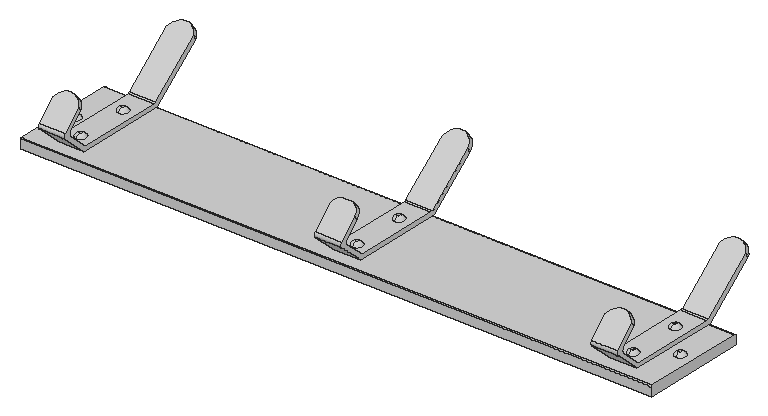
Revit family "Hook_Strip-Stainless_Steel-Bobrick-B-232", category Specialty Equipment, host Face, Revit 2019
Family settings
  Host = Face
  Round Connector Dimension = Use Diameter
  Part Type = Normal
  OmniClass Number = 23.40.20.21.31
  OmniClass Title = Robe Hooks
  Cut with Voids When Loaded = No
  Shared = No
  Room Calculation Point = No
Parameters (values of type "B-232 x 24")
  Unit Length = 24"
  Unit Height = 6 1/2"
  Unit Depth = 2 1/4"
  URL = "http://www.bobrick.com/"
  Revised Date = "10/22/2024"  # constant formula
  Recommended Height = not(ADA Compliant)  # yes
  Product Page URL = "https://www.bobrick.com/product/b-232-x-24/"
  Product Documentation Link = "https://www.bobrick.com/wp-content/uploads/B-232_td.pdf"
  Not ADA = not(ADA Compliant)  # yes
  Model = "B-232 x 24"
  Material = "Stainless Steel-Bobrick-Type 304-Satin"
  Manufacturer = "Bobrick Washroom Equipment, Inc."  # constant formula
  Keynote = ""
  Installation Type = "Wall-Mounted"  # constant formula
  Finish = Stainless Steel-Bobrick-Type 304-Satin
  Elevation Height = if(ADA Compliant, 48", if(Default Elevation < 60", 60", if(Default Elevation > 69", 69", Default Elevation)))  # 60"
  Description = "Surface-Mounted Hook Strip, Satin Finish"
  Default Elevation = 20"
  Creation Date = "05/14/2021"  # constant formula
  CL to CL = 10 1/2"
  Assembly Code = "C1030320"
  ADA Height = if(ADA Compliant, 48", Elevation Height)  # 60"
  ADA Elevation = 48"  # constant formula
  ADA Compliant = no
Reference planes (in)
  plane 1 "ADA Mount Line": y = 2.38705
  plane 2: z = 0
  plane 3 "Center (Left/Right)": x = 0
  plane 4: z = 0.375
  plane 5: y = 4.38705
  plane 6: y = 0.38705
  plane 7: z = 2.25
  plane 8: x = -12
  plane 9: x = 12
  plane 10: x = -10.5
  plane 11: y = -55.61295
  plane 12: x = 10.5
  plane 13: x = -10.5
  plane 14: y = 0.01205
  plane 15: y = 6.51205
Forms (in)
  Extrusion 1, solid, material "Stainless Steel-Bobrick-Type 304-Satin" <- "Finish"
    sketch origin (0, 0, 0) x (0, 1, 0) y (0, 0, 1)
      loop
        line (4.38705, 0) -> (4.38705, 0.33952)
        arc (4.38705, 0.33952) -> (4.37666, 0.36461) -> (4.35157, 0.375) r 0.03548
        line (4.35157, 0.375) -> (0.42221, 0.375)
        arc (0.42221, 0.375) -> (0.39735, 0.3647) -> (0.38705, 0.33984) r 0.03516
        line (0.38705, 0.33984) -> (0.38705, 0) -> (4.38705, 0)
    from -12 to 12
  Extrusion 2, solid, material "Stainless Steel-Bobrick-Type 304-Satin" <- "Finish"
    sketch origin (0, 0.14844, 0) x (0, 1, 0) y (0, 0, 1)
      loop
        line (0.7899, 0.375) -> (4.25299, 0.375) -> (6.36257, 2.11695) -> (6.2527, 2.25) -> (4.20284, 0.55735)
        arc (4.20284, 0.55735) -> (4.16881, 0.53797) -> (4.13023, 0.53125) r 0.11404
        line (4.13023, 0.53125) -> (0.86788, 0.53125)
        arc (0.86788, 0.53125) -> (0.85108, 0.53436) -> (0.83651, 0.54329) r 0.04688
        line (0.83651, 0.54329) -> (0.12933, 1.18003)
        arc (0.12933, 1.18003) -> (0.08864, 1.26832) -> (0.12466, 1.35861) r 0.12314
        line (0.12466, 1.35861) -> (0.90556, 2.13951) -> (0.79508, 2.25) -> (-0.10086, 1.35406)
        arc (-0.10086, 1.35406) -> (-0.13743, 1.2624) -> (-0.09612, 1.17278) r 0.125
        line (-0.09612, 1.17278) -> (0.7899, 0.375)
    from -11.00537 to -10.00844
  Extrusion 3, void
    sketch origin (-0.00586, 1.86013, 4.23588) x (1, 0, 0) y (0, 0.777146, 0.62932)
      loop
        line (-11.03086, 2.49074) -> (-11.03086, 1.74273)
        arc (-11.03086, 1.74273) -> (-10.49852, 2.27506) -> (-9.96619, 1.74273) r 0.53233
        line (-9.96619, 1.74273) -> (-9.96619, 2.49074) -> (-11.03086, 2.49074)
    from -4.63351 to -4.09375
  Extrusion 4, solid, material "Stainless Steel-Bobrick-Type 304-Satin" <- "Finish"
    sketch origin (10.41951, 0.14844, 0) x (0, 1, 0) y (0, 0, 1)
      loop
        line (0.7899, 0.375) -> (4.25299, 0.375) -> (6.36257, 2.11695) -> (6.2527, 2.25) -> (4.20284, 0.55735)
        arc (4.20284, 0.55735) -> (4.16881, 0.53797) -> (4.13023, 0.53125) r 0.11404
        line (4.13023, 0.53125) -> (0.86788, 0.53125)
        arc (0.86788, 0.53125) -> (0.85108, 0.53436) -> (0.83651, 0.54329) r 0.04688
        line (0.83651, 0.54329) -> (0.12933, 1.18003)
        arc (0.12933, 1.18003) -> (0.08864, 1.26832) -> (0.12466, 1.35861) r 0.12314
        line (0.12466, 1.35861) -> (0.90556, 2.13951) -> (0.79508, 2.25) -> (-0.10086, 1.35406)
        arc (-0.10086, 1.35406) -> (-0.13743, 1.2624) -> (-0.09612, 1.17278) r 0.125
        line (-0.09612, 1.17278) -> (0.7899, 0.375)
    from -10.92084 to -9.91817
  Extrusion 5, void
    sketch origin (10.41951, -3.46306, 3.63287) x (1, 0, 0) y (0, 0.707107, 0.707107)
      loop
        line (-10.92084, 2.13808) -> (-10.92084, 1.74355)
        arc (-10.92084, 1.74355) -> (-10.80529, 2.02253) -> (-10.52631, 2.13808) r 0.39453
        line (-10.52631, 2.13808) -> (-10.92084, 2.13808)
      loop
        line (-9.91817, 2.13808) -> (-10.3127, 2.13808)
        arc (-10.3127, 2.13808) -> (-10.03373, 2.02253) -> (-9.91817, 1.74355) r 0.39453
        line (-9.91817, 1.74355) -> (-9.91817, 2.13808)
    from -4.25 to -4.09375
  Revolve 6, solid, material "Stainless Steel-Bobrick-Type 304-Satin" <- "Finish"
    sketch origin (11.5, 0, 0) x (0, 1, 0) y (0, 0, -1)
      loop
        line (2.38705, -0.375) -> (2.38705, -0.4352) -> (2.45457, -0.4352) -> (2.45457, -0.4859)
        arc (2.45457, -0.4859) -> (2.5289, -0.44328) -> (2.58065, -0.375) r 0.21476
        line (2.58065, -0.375) -> (2.38705, -0.375)
      axis (2.38705, -0.4859) -> (2.38705, -0.375)
    angle from 0 to 360
  Revolve 7, solid, material "Stainless Steel-Bobrick-Type 304-Satin" <- "Finish"
    sketch origin (-11.5, 0, 0) x (0, 1, 0) y (0, 0, 1)
      loop
        line (2.38705, 0.375) -> (2.58065, 0.375)
        arc (2.58065, 0.375) -> (2.5289, 0.44328) -> (2.45457, 0.4859) r 0.21476
        line (2.45457, 0.4859) -> (2.45457, 0.4352) -> (2.38705, 0.4352) -> (2.38705, 0.375)
      axis (2.38705, 0.4859) -> (2.38705, 0.375)
    angle from 0 to 360
  Revolve 8, solid, material "Stainless Steel-Bobrick-Type 304-Satin" <- "Finish"
    sketch origin (-10.5, 1, 0.15625) x (0, 1, 0) y (0, 0, 1)
      loop
        line (2.38705, 0.375) -> (2.58065, 0.375)
        arc (2.58065, 0.375) -> (2.5289, 0.44328) -> (2.45457, 0.4859) r 0.21476
        line (2.45457, 0.4859) -> (2.45457, 0.4352) -> (2.38705, 0.4352) -> (2.38705, 0.375)
      axis (2.38705, 0.4859) -> (2.38705, 0.375)
    angle from 0 to 360
  Revolve 9, solid, material "Stainless Steel-Bobrick-Type 304-Satin" <- "Finish"
    sketch origin (-10.5, 3.77411, 0.15625) x (0, -1, 0) y (0, 0, -1)
      loop
        line (2.38705, -0.375) -> (2.38705, -0.4352) -> (2.45457, -0.4352) -> (2.45457, -0.4859)
        arc (2.45457, -0.4859) -> (2.5289, -0.44328) -> (2.58065, -0.375) r 0.21476
        line (2.58065, -0.375) -> (2.38705, -0.375)
      axis (2.38705, -0.4859) -> (2.38705, -0.375)
    angle from 0 to 360
  Revolve 10, solid, material "Stainless Steel-Bobrick-Type 304-Satin" <- "Finish"
    sketch origin (10.5, 1, 0.15625) x (0, 1, 0) y (0, 0, -1)
      loop
        line (2.38705, -0.375) -> (2.38705, -0.4352) -> (2.45457, -0.4352) -> (2.45457, -0.4859)
        arc (2.45457, -0.4859) -> (2.5289, -0.44328) -> (2.58065, -0.375) r 0.21476
        line (2.58065, -0.375) -> (2.38705, -0.375)
      axis (2.38705, -0.4859) -> (2.38705, -0.375)
    angle from 0 to 360
  Revolve 11, solid, material "Stainless Steel-Bobrick-Type 304-Satin" <- "Finish"
    sketch origin (10.5, 3.77411, 0.15625) x (0, -1, 0) y (0, 0, 1)
      loop
        line (2.38705, 0.375) -> (2.58065, 0.375)
        arc (2.58065, 0.375) -> (2.5289, 0.44328) -> (2.45457, 0.4859) r 0.21476
        line (2.45457, 0.4859) -> (2.45457, 0.4352) -> (2.38705, 0.4352) -> (2.38705, 0.375)
      axis (2.38705, 0.4859) -> (2.38705, 0.375)
    angle from 0 to 360
  Revolve 12, solid, material "Stainless Steel-Bobrick-Type 304-Satin" <- "Finish"
    sketch origin (0, 1, 0.15625) x (0, 1, 0) y (0, 0, -1)
      loop
        line (2.38705, -0.375) -> (2.38705, -0.4352) -> (2.45457, -0.4352) -> (2.45457, -0.4859)
        arc (2.45457, -0.4859) -> (2.5289, -0.44328) -> (2.58065, -0.375) r 0.21476
        line (2.58065, -0.375) -> (2.38705, -0.375)
      axis (2.38705, -0.4859) -> (2.38705, -0.375)
    angle from 0 to 360
  Revolve 13, solid, material "Stainless Steel-Bobrick-Type 304-Satin" <- "Finish"
    sketch origin (0, 3.77411, 0.15625) x (0, -1, 0) y (0, 0, 1)
      loop
        line (2.38705, 0.375) -> (2.58065, 0.375)
        arc (2.58065, 0.375) -> (2.5289, 0.44328) -> (2.45457, 0.4859) r 0.21476
        line (2.45457, 0.4859) -> (2.45457, 0.4352) -> (2.38705, 0.4352) -> (2.38705, 0.375)
      axis (2.38705, 0.4859) -> (2.38705, 0.375)
    angle from 0 to 360
  Extrusion 14, void
    sketch origin (10.41951, 1.89138, 4.23588) x (1, 0, 0) y (0, 0.777146, 0.62932)
      loop
        line (-10.92084, 2.49074) -> (-10.92084, 1.74273)
        arc (-10.92084, 1.74273) -> (-10.41951, 2.24406) -> (-9.91817, 1.74273) r 0.50134
        line (-9.91817, 1.74273) -> (-9.91817, 2.49074) -> (-10.92084, 2.49074)
    from -4.63351 to -4.09375
  Extrusion 15, void
    sketch origin (-0.00821, -3.4313, 3.99989) x (1, 0, 0) y (0, 0.777146, 0.62932)
      loop
        line (-11.03086, 2.64782) -> (-11.03086, 1.74273)
        arc (-11.03086, 1.74273) -> (-10.49852, 2.27506) -> (-9.96619, 1.74273) r 0.53233
        line (-9.96619, 1.74273) -> (-9.96619, 2.64782) -> (-11.03086, 2.64782)
    from -4.63351 to -3.9213
  Extrusion 16, solid, material "Stainless Steel-Bobrick-Type 304-Satin" <- "Finish"
    sketch origin (0, 0.14844, 0) x (0, 1, 0) y (0, 0, -1)
      loop
        line (0.7899, -0.375) -> (-0.09612, -1.17278)
        arc (-0.09612, -1.17278) -> (-0.13743, -1.2624) -> (-0.10086, -1.35406) r 0.125
        line (-0.10086, -1.35406) -> (0.79508, -2.25) -> (0.90556, -2.13951) -> (0.12466, -1.35861)
        arc (0.12466, -1.35861) -> (0.08864, -1.26832) -> (0.12933, -1.18003) r 0.12314
        line (0.12933, -1.18003) -> (0.83651, -0.54329)
        arc (0.83651, -0.54329) -> (0.85108, -0.53436) -> (0.86788, -0.53125) r 0.04688
        line (0.86788, -0.53125) -> (4.13023, -0.53125)
        arc (4.13023, -0.53125) -> (4.16881, -0.53797) -> (4.20284, -0.55735) r 0.11404
        line (4.20284, -0.55735) -> (6.2527, -2.25) -> (6.36257, -2.11695) -> (4.25299, -0.375) -> (0.7899, -0.375)
    from -11.00537 to -10.00844
  Extrusion 17, void
    sketch origin (-0.08789, 1.86013, 4.23588) x (-1, 0, 0) y (0, -0.777146, -0.62932)
      loop
        line (-11.11135, -2.49074) -> (-10.06971, -2.49074) -> (-10.06971, -1.74273)
        arc (-10.06971, -1.74273) -> (-10.59053, -2.26355) -> (-11.11135, -1.74273) r 0.52082
        line (-11.11135, -1.74273) -> (-11.11135, -2.49074)
    from -4.63351 to -4.09375
  Extrusion 18, void
    sketch origin (-0.06992, -3.4313, 3.99989) x (-1, 0, 0) y (0, -0.777146, -0.62932)
      loop
        line (-11.11135, -2.64782) -> (-10.04669, -2.64782) -> (-10.04669, -1.74273)
        arc (-10.04669, -1.74273) -> (-10.57902, -2.27506) -> (-11.11135, -1.74273) r 0.53233
        line (-11.11135, -1.74273) -> (-11.11135, -2.64782)
    from -4.63351 to -3.9213
Cuts and joins
  Extrusion 3, Extrusion 5, Extrusion 14, Extrusion 15, Extrusion 17, Extrusion 18 cuts Extrusion 2
  Extrusion 5, Extrusion 14 cuts Extrusion 4
  Extrusion 17, Extrusion 18 cuts Extrusion 16
Lines and regions (in)
  Masking region 1
    outline origin (0, 2.38705, 0) x (1, 0, 0) y (0, 0, 1)
      loop
        line (12, 0) -> (12, 0.375) -> (11.69593, 0.375)
        arc (11.69593, 0.375) -> (11.50257, 0.48852) -> (11.3092, 0.375) r 0.22144
        line (11.3092, 0.375) -> (11.00134, 0.375) -> (11.00134, 1.88624)
        arc (11.00134, 1.88624) -> (10.89479, 2.14346) -> (10.63758, 2.25) r 0.36376
        line (10.63758, 2.25) -> (10.36242, 2.25)
        arc (10.36242, 2.25) -> (10.10521, 2.14346) -> (9.99866, 1.88624) r 0.36376
        line (9.99866, 1.88624) -> (9.99866, 0.375) -> (0.50134, 0.375) -> (0.50134, 1.88624)
        arc (0.50134, 1.88624) -> (0.39479, 2.14346) -> (0.13758, 2.25) r 0.36376
        line (0.13758, 2.25) -> (-0.13758, 2.25)
        arc (-0.13758, 2.25) -> (-0.39479, 2.14346) -> (-0.50134, 1.88624) r 0.36376
        line (-0.50134, 1.88624) -> (-0.50134, 0.375) -> (-9.99866, 0.375) -> (-9.99866, 1.88624)
        arc (-9.99866, 1.88624) -> (-10.10521, 2.14346) -> (-10.36242, 2.25) r 0.36376
        line (-10.36242, 2.25) -> (-10.63758, 2.25)
        arc (-10.63758, 2.25) -> (-10.89479, 2.14346) -> (-11.00134, 1.88624) r 0.36376
        line (-11.00134, 1.88624) -> (-11.00134, 0.375) -> (-11.30091, 0.375)
        arc (-11.30091, 0.375) -> (-11.49658, 0.48593) -> (-11.69225, 0.375) r 0.22803
        line (-11.69225, 0.375) -> (-12, 0.375) -> (-12, 0) -> (12, 0)
  symbolic lines, detail levels medium+fine
    curve 1: line (11.77405, 2.38705, 0.375) -> (9.99866, 2.38705, 0.375)
    curve 2: line (0.50134, 2.38705, 0.375) -> (-0.50134, 2.38705, 0.375)
    curve 3: line (-9.99866, 2.38705, 0.375) -> (-11.69359, 2.38705, 0.375)
  symbolic lines, detail levels fine
    curve 4: arc (11.00134, 2.38705, 1.77575) -> (10.89479, 2.38705, 2.03297) -> (10.63758, 2.38705, 2.13951) r 0.36376
    curve 5: line (10.63758, 2.38705, 2.13951) -> (10.36242, 2.38705, 2.13951)
    curve 6: arc (10.36242, 2.38705, 2.13951) -> (10.10521, 2.38705, 2.03297) -> (9.99866, 2.38705, 1.77575) r 0.36376
    curve 7: arc (0.50134, 2.38705, 1.77575) -> (0.39479, 2.38705, 2.03297) -> (0.13758, 2.38705, 2.13951) r 0.36376
    curve 8: line (0.13758, 2.38705, 2.13951) -> (-0.13758, 2.38705, 2.13951)
    curve 9: arc (-0.13758, 2.38705, 2.13951) -> (-0.39479, 2.38705, 2.03297) -> (-0.50134, 2.38705, 1.77575) r 0.36376
    curve 10: arc (-9.99866, 2.38705, 1.77575) -> (-10.10521, 2.38705, 2.03297) -> (-10.36242, 2.38705, 2.13951) r 0.36376
    curve 11: line (-10.36242, 2.38705, 2.13951) -> (-10.63758, 2.38705, 2.13951)
    curve 12: arc (-10.63758, 2.38705, 2.13951) -> (-10.89479, 2.38705, 2.03297) -> (-11.00134, 2.38705, 1.77575) r 0.36376
Dimensions and locks (in)
  equal spacing: plane 5, plane 1 "ADA Mount Line", plane 6
  plane 5 to plane 6 = 4"
  plane 4 to level = 3/8"
  locked: plane 7 to level at 2.25
  equal spacing: plane 8, plane 3 "Center (Left/Right)", plane 9
  "Unit Length": plane 8 to plane 9
  "Elevation Height": plane 5 to plane 11
  locked: plane 5 to plane 6 at 4
  plane 13 to plane 3 "Center (Left/Right)" = 10 1/2"
  plane 10 to plane 3 "Center (Left/Right)" = 10 1/2"
  plane 8 to plane 10 = 1 1/2"
  plane 10 to cut or joined group of Extrusion 2, Extrusion 3, Extrusion 5, Extrusion 14, Extrusion 15, Extrusion 17, Extrusion 18 = 0.49156"
  cut or joined group of Extrusion 2, Extrusion 3, Extrusion 5, Extrusion 14, Extrusion 15, Extrusion 17, Extrusion 18 to plane 10 = 0.50537"
  plane 3 "Center (Left/Right)" to plane 12 = 10 1/2"
  plane 7 to host face = 2 1/4"
  plane 4 to host face = 3/8"
  plane 14 to plane 6 = 3/8"
  plane 14 to plane 15 = 6 1/2"
  aligned and locked: plane 2 to host face
  aligned and locked: level to host face
  aligned and locked: plane 8 to Extrusion 1
  aligned and locked: plane 9 to Extrusion 1
  aligned and locked: Extrusion 4 sketch curve to cut or joined group of Extrusion 2, Extrusion 3, Extrusion 5, Extrusion 14, Extrusion 15, Extrusion 17, Extrusion 18
Automatic sketch dimensions
  host sketch curve to host sketch curve = 66.93017"
  host sketch curve to host sketch curve = 81.47834"
  Extrusion 1 sketch curve to level = 0"
  Extrusion 1 sketch curve to plane 6 = 0"
  Extrusion 1 sketch curve to plane 4 = 0"
  Extrusion 1 sketch curve to plane 5 = 0"
  Extrusion 1 sketch curve to plane 6 = 9/256"
  Extrusion 1 sketch curve to Extrusion 1 sketch curve = 0.03548"
  Extrusion 2 sketch curve to plane 4 = 0"
  Extrusion 2 sketch curve to plane 7 = 0"  (x2)
  plane 5 to Extrusion 2 sketch curve = 0.01438"
  plane 4 to Extrusion 2 sketch curve = 0.18235"
  Extrusion 2 sketch curve to Extrusion 2 sketch curve = 0.07261"
  Extrusion 2 sketch curve to plane 7 = 0.11049"
  Extrusion 2 sketch curve to plane 6 = 0.66695"
  Extrusion 2 sketch curve to plane 6 = 0.62926"
  plane 4 to Extrusion 2 sketch curve = 0.16829"
  Extrusion 2 sketch curve to Extrusion 2 sketch curve = 0.03137"
  Extrusion 2 sketch curve to Extrusion 2 sketch curve = 0.11049"
  Extrusion 2 sketch curve to Extrusion 2 sketch curve = 0.04661"
  plane 6 to Extrusion 2 sketch curve = 0.02689"
  Extrusion 2 sketch curve to Extrusion 2 sketch curve = 0.08239"
  Extrusion 2 sketch curve to Extrusion 2 sketch curve = 0.08707"
  Extrusion 2 sketch curve to Extrusion 2 sketch curve = 0.0261"
  Extrusion 2 sketch curve to Extrusion 2 sketch curve = 0.18128"
  Extrusion 2 sketch curve to Extrusion 2 sketch curve = 0.08564"
  plane 10 to Extrusion 3 sketch curve = 0.53671"
  plane 10 to Extrusion 3 sketch curve = 0.00438"
  Extrusion 3 sketch curve to Extrusion 3 sketch curve = 0.74802"
  Extrusion 4 sketch curve to plane 4 = 0"
  Extrusion 4 sketch curve to plane 7 = 0"  (x2)
  plane 4 to Extrusion 4 sketch curve = 0.18235"
  Extrusion 4 sketch curve to Extrusion 4 sketch curve = 0.07261"
  Extrusion 4 sketch curve to plane 7 = 0.11049"
  Extrusion 4 sketch curve to plane 6 = 0.66695"
  Extrusion 4 sketch curve to plane 6 = 0.62926"
  plane 4 to Extrusion 4 sketch curve = 0.16829"
  Extrusion 4 sketch curve to Extrusion 4 sketch curve = 0.03137"
  Extrusion 4 sketch curve to Extrusion 4 sketch curve = 0.11049"
  Extrusion 4 sketch curve to Extrusion 4 sketch curve = 0.04661"
  plane 6 to Extrusion 4 sketch curve = 0.02689"
  Extrusion 4 sketch curve to Extrusion 4 sketch curve = 0.08239"
  Extrusion 4 sketch curve to Extrusion 4 sketch curve = 0.08707"
  Extrusion 4 sketch curve to Extrusion 4 sketch curve = 0.01204"
  Extrusion 4 sketch curve to Extrusion 4 sketch curve = 0.18128"
  Extrusion 4 sketch curve to Extrusion 4 sketch curve = 0.08564"
  Extrusion 5 sketch curve to plane 3 "Center (Left/Right)" = 0.50134"
  Extrusion 5 sketch curve to plane 3 "Center (Left/Right)" = 0.1068"
  plane 3 "Center (Left/Right)" to Extrusion 5 sketch curve = 0.1068"
  Extrusion 5 sketch curve to Extrusion 5 sketch curve = 101/256"  (x3)
  Extrusion 5 sketch curve to Extrusion 5 sketch curve = 0"  (x7)
  Revolve 6 sketch curve to plane 1 "ADA Mount Line" = 0"  (x3)
  Revolve 6 sketch curve to plane 4 = 0"
  Revolve 6 sketch curve to plane 1 "ADA Mount Line" = 0.06752"
  Revolve 6 sketch curve to Revolve 6 sketch curve = 0.12608"
  plane 4 to Revolve 6 sketch curve = 0.0602"
  Revolve 6 sketch curve to Revolve 6 sketch curve = 0.0507"
  Revolve 6 sketch curve to Revolve 6 sketch curve = 0.01888"
  Revolve 6 sketch curve to Revolve 6 sketch curve = 0.08542"
  Revolve 7 sketch curve to plane 1 "ADA Mount Line" = 0"  (x3)
  Revolve 7 sketch curve to plane 4 = 0"
  Revolve 7 sketch curve to plane 1 "ADA Mount Line" = 0.06752"
  Revolve 7 sketch curve to Revolve 7 sketch curve = 0.12608"
  Revolve 7 sketch curve to Revolve 7 sketch curve = 0.09297"
  plane 4 to Revolve 7 sketch curve = 0.0602"
  Revolve 7 sketch curve to Revolve 7 sketch curve = 0.01888"
  Revolve 7 sketch curve to Revolve 7 sketch curve = 0.08542"
  plane 4 to Revolve 8 sketch curve = 5/32"
  Revolve 8 sketch curve to plane 1 "ADA Mount Line" = 1"
  Revolve 8 sketch curve to Revolve 8 sketch curve = 0"
  Revolve 8 sketch curve to Revolve 8 sketch curve = 0.06752"  (x2)
  Revolve 8 sketch curve to Revolve 8 sketch curve = 0.12608"
  plane 4 to Revolve 8 sketch curve = 0.06328"
  Revolve 8 sketch curve to Revolve 8 sketch curve = 0.0602"
  Revolve 8 sketch curve to Revolve 8 sketch curve = 0.01888"
  Revolve 8 sketch curve to Revolve 8 sketch curve = 0.08542"
  plane 4 to Revolve 9 sketch curve = 5/32"
  plane 1 "ADA Mount Line" to Revolve 9 sketch curve = 1"
  Revolve 9 sketch curve to Revolve 9 sketch curve = 0"
  Revolve 9 sketch curve to Revolve 9 sketch curve = 0.06752"  (x2)
  Revolve 9 sketch curve to Revolve 9 sketch curve = 0.12608"
  Revolve 9 sketch curve to Revolve 9 sketch curve = 0.0602"
  Revolve 9 sketch curve to Revolve 9 sketch curve = 0.0507"
  Revolve 9 sketch curve to Revolve 9 sketch curve = 0.01888"
  Revolve 9 sketch curve to Revolve 9 sketch curve = 0.08542"
  plane 4 to Revolve 10 sketch curve = 5/32"
  Revolve 10 sketch curve to plane 1 "ADA Mount Line" = 1"
  Revolve 10 sketch curve to Revolve 10 sketch curve = 0"
  Revolve 10 sketch curve to Revolve 10 sketch curve = 0.06752"  (x2)
  Revolve 10 sketch curve to Revolve 10 sketch curve = 0.12608"
  Revolve 10 sketch curve to Revolve 10 sketch curve = 0.0602"
  Revolve 10 sketch curve to Revolve 10 sketch curve = 0.0507"
  Revolve 10 sketch curve to Revolve 10 sketch curve = 0.01888"
  Revolve 10 sketch curve to Revolve 10 sketch curve = 0.08542"
  plane 4 to Revolve 11 sketch curve = 5/32"
  plane 1 "ADA Mount Line" to Revolve 11 sketch curve = 1"
  Revolve 11 sketch curve to Revolve 11 sketch curve = 0"
  Revolve 11 sketch curve to Revolve 11 sketch curve = 0.06752"  (x2)
  Revolve 11 sketch curve to Revolve 11 sketch curve = 0.12608"
  plane 4 to Revolve 11 sketch curve = 0.06328"
  Revolve 11 sketch curve to Revolve 11 sketch curve = 0.0602"
  Revolve 11 sketch curve to Revolve 11 sketch curve = 0.01888"
  Revolve 11 sketch curve to Revolve 11 sketch curve = 0.08542"
  plane 4 to Revolve 12 sketch curve = 5/32"
  Revolve 12 sketch curve to plane 1 "ADA Mount Line" = 1"
  Revolve 12 sketch curve to Revolve 12 sketch curve = 0"
  Revolve 12 sketch curve to Revolve 12 sketch curve = 0.06752"  (x2)
  Revolve 12 sketch curve to Revolve 12 sketch curve = 0.12608"
  Revolve 12 sketch curve to Revolve 12 sketch curve = 0.0602"
  Revolve 12 sketch curve to Revolve 12 sketch curve = 0.0507"
  Revolve 12 sketch curve to Revolve 12 sketch curve = 0.01888"
  Revolve 12 sketch curve to Revolve 12 sketch curve = 0.08542"
  plane 4 to Revolve 13 sketch curve = 5/32"
  plane 1 "ADA Mount Line" to Revolve 13 sketch curve = 1"
  Revolve 13 sketch curve to Revolve 13 sketch curve = 0"
  Revolve 13 sketch curve to Revolve 13 sketch curve = 0.06752"  (x2)
  Revolve 13 sketch curve to Revolve 13 sketch curve = 0.12608"
  plane 4 to Revolve 13 sketch curve = 0.06328"
  Revolve 13 sketch curve to Revolve 13 sketch curve = 0.0602"
  Revolve 13 sketch curve to Revolve 13 sketch curve = 0.01888"
  Revolve 13 sketch curve to Revolve 13 sketch curve = 0.08542"
  Masking region 1 sketch curve to plane 4 = 0"  (x6)
  plane 8 to Masking region 1 sketch curve = 0"
  Masking region 1 sketch curve to plane 7 = 0"  (x3)
  Masking region 1 sketch curve to plane 9 = 0"
  Masking region 1 sketch curve to level = 0"
  Masking region 1 sketch curve to plane 8 = 0.30775"
  Masking region 1 sketch curve to plane 4 = 0.11711"
  Masking region 1 sketch curve to Masking region 1 sketch curve = 0.19567"
  plane 10 to Masking region 1 sketch curve = 0.50134"
  plane 10 to Masking region 1 sketch curve = 0.13758"
  Masking region 1 sketch curve to plane 10 = 0.13758"
  Masking region 1 sketch curve to Masking region 1 sketch curve = 0.36376"  (x2)
  Masking region 1 sketch curve to plane 3 "Center (Left/Right)" = 0.50134"
  Masking region 1 sketch curve to plane 3 "Center (Left/Right)" = 0.13758"
  plane 3 "Center (Left/Right)" to Masking region 1 sketch curve = 0.13758"
  plane 3 "Center (Left/Right)" to Masking region 1 sketch curve = 0.50134"
  plane 12 to Masking region 1 sketch curve = 0.50134"
  plane 12 to Masking region 1 sketch curve = 0.13758"
  Masking region 1 sketch curve to plane 12 = 0.13758"
  Masking region 1 sketch curve to Masking region 1 sketch curve = 0.30787"
  Masking region 1 sketch curve to plane 4 = 0.10792"
  Masking region 1 sketch curve to Masking region 1 sketch curve = 0.19336"
  Extrusion 14 sketch curve to plane 3 "Center (Left/Right)" = 0"
  Extrusion 14 sketch curve to plane 3 "Center (Left/Right)" = 0.50134"
  plane 3 "Center (Left/Right)" to Extrusion 14 sketch curve = 0.50134"
  Extrusion 14 sketch curve to Extrusion 14 sketch curve = 0.74802"
  Extrusion 14 sketch curve to Extrusion 14 sketch curve = 0"  (x3)
  plane 10 to Extrusion 15 sketch curve = 69/128"
  plane 10 to Extrusion 15 sketch curve = 0.00673"
  Extrusion 15 sketch curve to Extrusion 15 sketch curve = 0.90509"
  Extrusion 16 sketch curve to plane 4 = 0"
  Extrusion 16 sketch curve to plane 7 = 0"  (x2)
  plane 5 to Extrusion 16 sketch curve = 0.01438"
  plane 4 to Extrusion 16 sketch curve = 0.18235"
  Extrusion 16 sketch curve to Extrusion 16 sketch curve = 0.07261"
  Extrusion 16 sketch curve to plane 7 = 0.11049"
  Extrusion 16 sketch curve to plane 6 = 0.66695"
  Extrusion 16 sketch curve to plane 6 = 0.62926"
  plane 4 to Extrusion 16 sketch curve = 0.16829"
  Extrusion 16 sketch curve to Extrusion 16 sketch curve = 0.03137"
  Extrusion 16 sketch curve to Extrusion 16 sketch curve = 0.11049"
  Extrusion 16 sketch curve to Extrusion 16 sketch curve = 0.04661"
  plane 6 to Extrusion 16 sketch curve = 0.02689"
  Extrusion 16 sketch curve to Extrusion 16 sketch curve = 0.08239"
  Extrusion 16 sketch curve to Extrusion 16 sketch curve = 0.08707"  (x2)
  Extrusion 16 sketch curve to Extrusion 16 sketch curve = 0.08839"
  Extrusion 16 sketch curve to Extrusion 16 sketch curve = 0.08794"
  Extrusion 17 sketch curve to plane 12 = 0.52346"
  Extrusion 17 sketch curve to plane 12 = 0.00264"
  Extrusion 17 sketch curve to Extrusion 17 sketch curve = 0.74802"
  Extrusion 18 sketch curve to plane 12 = 0.54143"
  Extrusion 18 sketch curve to plane 12 = 0.0091"
  Extrusion 18 sketch curve to Extrusion 18 sketch curve = 0.90509"
  curve 3 to plane 4 = 0"
  curve 2 to plane 4 = 0"
  curve 1 to plane 4 = 0"
  plane 10 to curve 12 = 0.13758"
  curve 11 to plane 10 = 0.13758"
  curve 8 to plane 3 "Center (Left/Right)" = 0.13758"
  plane 3 "Center (Left/Right)" to curve 8 = 0.13758"
  plane 12 to curve 5 = 0.13758"
  curve 5 to plane 12 = 0.13758"
  curve 4 to plane 7 = 0.47425"
  curve 12 to plane 7 = 0.47425"
  curve 10 to curve 12 = 0"
  curve 6 to curve 4 = 0"
  curve 7 to plane 7 = 0.47425"
  curve 9 to curve 7 = 0"
  curve 8 to plane 7 = 0.11049"
  curve 5 to plane 7 = 0.11049"
  curve 11 to plane 7 = 0.11049"
  curve 3 to plane 8 = 0.30641"
  curve 3 to plane 10 = 0.50134"
  curve 2 to plane 3 "Center (Left/Right)" = 0.50134"
  plane 3 "Center (Left/Right)" to curve 2 = 0.50134"
  plane 12 to curve 1 = 0.50134"
  curve 1 to plane 9 = 0.22595"
  plane 14 to Extrusion 2 sketch curve = 0.12391"
  plane 14 to Extrusion 2 sketch curve = 0.04027"
  plane 14 to Extrusion 2 sketch curve = 0.03552"
  plane 14 to Extrusion 4 sketch curve = 0.12391"
  plane 14 to Extrusion 4 sketch curve = 0.04027"
  plane 14 to Extrusion 4 sketch curve = 0.03552"
  plane 14 to Extrusion 16 sketch curve = 0.12391"
  plane 14 to Extrusion 16 sketch curve = 0.04027"
  plane 14 to Extrusion 16 sketch curve = 0.03552"
  Extrusion 2 sketch curve to plane 5 = 0.10839"
  plane 5 to Extrusion 2 sketch curve = 2.01409"
  plane 5 to Extrusion 4 sketch curve = 0.01438"
  Extrusion 16 sketch curve to plane 5 = 0.10839"
  plane 5 to Extrusion 16 sketch curve = 2.01409"
